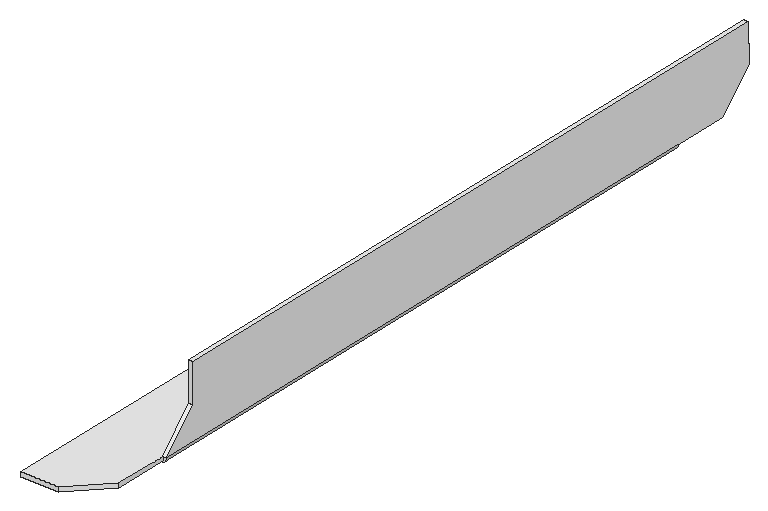
Revit family "JOMA_Takåsfäste Vänster", category Structural Connections, host Face, Revit 2012 (continued)
Nested families
  nested 150: "Spikmönster" at (0, 107.5, 12) x (0, -1, 0) z (1, 0, 0), visible <- "Typ 250 Spikmönster", type "Ø5"
  nested 151: "Spikmönster" at (0, 87.5, 12) x (0, -1, 0) z (1, 0, 0), visible <- "Typ 250 Spikmönster", type "Ø5"
  nested 152: "Spikmönster" at (0, 67.5, 12) x (0, -1, 0) z (1, 0, 0), visible <- "Typ 250 Spikmönster", type "Ø5"
  nested 153: "Spikmönster" at (0, 47.5, 12) x (0, -1, 0) z (1, 0, 0), visible <- "Typ 250 Spikmönster", type "Ø5"
  nested 154: "Spikmönster" at (0, 137.5, 27) x (0, -1, 0) z (1, 0, 0), visible <- "Typ 290 Spikmönster", type "Ø5"
  nested 155: "Spikmönster" at (0, 117.5, 27) x (0, -1, 0) z (1, 0, 0), visible <- "Typ 290 Spikmönster", type "Ø5"
  nested 156: "Spikmönster" at (0, 97.5, 27) x (0, -1, 0) z (1, 0, 0), visible <- "Typ 290 Spikmönster", type "Ø5"
  nested 157: "Spikmönster" at (0, 77.5, 27) x (0, -1, 0) z (1, 0, 0), visible <- "Typ 290 Spikmönster", type "Ø5"
  nested 158: "Spikmönster" at (0, 57.5, 27) x (0, -1, 0) z (1, 0, 0), visible <- "Typ 290 Spikmönster", type "Ø5"
  nested 159: "Spikmönster" at (0, 37.5, 27) x (0, -1, 0) z (1, 0, 0), visible <- "Typ 290 Spikmönster", type "Ø5"
  nested 160: "Spikmönster" at (0, 127.5, 12) x (0, -1, 0) z (1, 0, 0), visible <- "Typ 290 Spikmönster", type "Ø5"
  nested 161: "Spikmönster" at (0, 107.5, 12) x (0, -1, 0) z (1, 0, 0), visible <- "Typ 290 Spikmönster", type "Ø5"
  nested 162: "Spikmönster" at (0, 87.5, 12) x (0, -1, 0) z (1, 0, 0), visible <- "Typ 290 Spikmönster", type "Ø5"
  nested 163: "Spikmönster" at (0, 67.5, 12) x (0, -1, 0) z (1, 0, 0), visible <- "Typ 290 Spikmönster", type "Ø5"
  nested 164: "Spikmönster" at (0, 47.5, 12) x (0, -1, 0) z (1, 0, 0), visible <- "Typ 290 Spikmönster", type "Ø5"
  nested 165: "Spikmönster" at (0, 157.5, 27) x (0, -1, 0) z (1, 0, 0), visible <- "Typ 330 Spikmönster", type "Ø5"
  nested 166: "Spikmönster" at (0, 137.5, 27) x (0, -1, 0) z (1, 0, 0), visible <- "Typ 330 Spikmönster", type "Ø5"
  nested 167: "Spikmönster" at (0, 117.5, 27) x (0, -1, 0) z (1, 0, 0), visible <- "Typ 330 Spikmönster", type "Ø5"
  nested 168: "Spikmönster" at (0, 97.5, 27) x (0, -1, 0) z (1, 0, 0), visible <- "Typ 330 Spikmönster", type "Ø5"
  nested 169: "Spikmönster" at (0, 77.5, 27) x (0, -1, 0) z (1, 0, 0), visible <- "Typ 330 Spikmönster", type "Ø5"
  nested 170: "Spikmönster" at (0, 57.5, 27) x (0, -1, 0) z (1, 0, 0), visible <- "Typ 330 Spikmönster", type "Ø5"
  nested 171: "Spikmönster" at (0, 37.5, 27) x (0, -1, 0) z (1, 0, 0), visible <- "Typ 330 Spikmönster", type "Ø5"
  nested 172: "Spikmönster" at (0, 147.5, 12) x (0, -1, 0) z (1, 0, 0), visible <- "Typ 330 Spikmönster", type "Ø5"
  nested 173: "Spikmönster" at (0, 127.5, 12) x (0, -1, 0) z (1, 0, 0), visible <- "Typ 330 Spikmönster", type "Ø5"
  nested 174: "Spikmönster" at (0, 107.5, 12) x (0, -1, 0) z (1, 0, 0), visible <- "Typ 330 Spikmönster", type "Ø5"
  nested 175: "Spikmönster" at (0, 87.5, 12) x (0, -1, 0) z (1, 0, 0), visible <- "Typ 330 Spikmönster", type "Ø5"
  nested 176: "Spikmönster" at (0, 67.5, 12) x (0, -1, 0) z (1, 0, 0), visible <- "Typ 330 Spikmönster", type "Ø5"
  nested 177: "Spikmönster" at (0, 47.5, 12) x (0, -1, 0) z (1, 0, 0), visible <- "Typ 330 Spikmönster", type "Ø5"
  nested 178: "Spikmönster" at (0, 177.5, 27) x (0, -1, 0) z (1, 0, 0), visible <- "Typ 370 Spikmönster", type "Ø5"
  nested 179: "Spikmönster" at (0, 157.5, 27) x (0, -1, 0) z (1, 0, 0), visible <- "Typ 370 Spikmönster", type "Ø5"
  nested 180: "Spikmönster" at (0, 137.5, 27) x (0, -1, 0) z (1, 0, 0), visible <- "Typ 370 Spikmönster", type "Ø5"
  nested 181: "Spikmönster" at (0, 117.5, 27) x (0, -1, 0) z (1, 0, 0), visible <- "Typ 370 Spikmönster", type "Ø5"
  nested 182: "Spikmönster" at (0, 97.5, 27) x (0, -1, 0) z (1, 0, 0), visible <- "Typ 370 Spikmönster", type "Ø5"
  nested 183: "Spikmönster" at (0, 77.5, 27) x (0, -1, 0) z (1, 0, 0), visible <- "Typ 370 Spikmönster", type "Ø5"
  nested 184: "Spikmönster" at (0, 57.5, 27) x (0, -1, 0) z (1, 0, 0), visible <- "Typ 370 Spikmönster", type "Ø5"
  nested 185: "Spikmönster" at (0, 37.5, 27) x (0, -1, 0) z (1, 0, 0), visible <- "Typ 370 Spikmönster", type "Ø5"
  nested 186: "Spikmönster" at (0, 167.5, 12) x (0, -1, 0) z (1, 0, 0), visible <- "Typ 370 Spikmönster", type "Ø5"
  nested 187: "Spikmönster" at (0, 147.5, 12) x (0, -1, 0) z (1, 0, 0), visible <- "Typ 370 Spikmönster", type "Ø5"
  nested 188: "Spikmönster" at (0, 127.5, 12) x (0, -1, 0) z (1, 0, 0), visible <- "Typ 370 Spikmönster", type "Ø5"
  nested 189: "Spikmönster" at (0, 107.5, 12) x (0, -1, 0) z (1, 0, 0), visible <- "Typ 370 Spikmönster", type "Ø5"
  nested 190: "Spikmönster" at (0, 87.5, 12) x (0, -1, 0) z (1, 0, 0), visible <- "Typ 370 Spikmönster", type "Ø5"
  nested 191: "Spikmönster" at (0, 67.5, 12) x (0, -1, 0) z (1, 0, 0), visible <- "Typ 370 Spikmönster", type "Ø5"
  nested 192: "Spikmönster" at (0, 47.5, 12) x (0, -1, 0) z (1, 0, 0), visible <- "Typ 370 Spikmönster", type "Ø5"
  nested 193: "Spikmönster" at (0, 177.5, 682) x (0, -1, 0) z (1, 0, 0), visible <- "Typ 170 Spikmönster", type "Ø5", not visible
  nested 194: "Spikmönster" at (0, 157.5, 682) x (0, -1, 0) z (1, 0, 0), visible <- "Typ 170 Spikmönster", type "Ø5", not visible
  nested 195: "Spikmönster" at (0, 137.5, 682) x (0, -1, 0) z (1, 0, 0), visible <- "Typ 170 Spikmönster", type "Ø5", not visible
  nested 196: "Spikmönster" at (0, 147.5, 667) x (0, -1, 0) z (1, 0, 0), visible <- "Typ 170 Spikmönster", type "Ø5", not visible
  nested 197: "Spikmönster" at (0, 167.5, 667) x (0, -1, 0) z (1, 0, 0), visible <- "Typ 170 Spikmönster", type "Ø5", not visible
  nested 198: "Spikmönster" at (0, 177.5, 567) x (0, -1, 0) z (1, 0, 0), visible <- "Typ 210 Spikmönster", type "Ø5", not visible
  nested 199: "Spikmönster" at (0, 157.5, 567) x (0, -1, 0) z (1, 0, 0), visible <- "Typ 210 Spikmönster", type "Ø5", not visible
  nested 200: "Spikmönster" at (0, 137.5, 567) x (0, -1, 0) z (1, 0, 0), visible <- "Typ 210 Spikmönster", type "Ø5", not visible
  nested 201: "Spikmönster" at (0, 117.5, 567) x (0, -1, 0) z (1, 0, 0), visible <- "Typ 210 Spikmönster", type "Ø5", not visible
  nested 202: "Spikmönster" at (0, 167.5, 552) x (0, -1, 0) z (1, 0, 0), visible <- "Typ 210 Spikmönster", type "Ø5", not visible
  nested 203: "Spikmönster" at (0, 147.5, 552) x (0, -1, 0) z (1, 0, 0), visible <- "Typ 210 Spikmönster", type "Ø5", not visible
  nested 204: "Spikmönster" at (0, 127.5, 552) x (0, -1, 0) z (1, 0, 0), visible <- "Typ 210 Spikmönster", type "Ø5", not visible
  nested 205: "Spikmönster" at (0, 177.5, 472) x (0, -1, 0) z (1, 0, 0), visible <- "Typ 250 Spikmönster", type "Ø5", not visible
  nested 206: "Spikmönster" at (0, 157.5, 472) x (0, -1, 0) z (1, 0, 0), visible <- "Typ 250 Spikmönster", type "Ø5", not visible
  nested 207: "Spikmönster" at (0, 137.5, 472) x (0, -1, 0) z (1, 0, 0), visible <- "Typ 250 Spikmönster", type "Ø5", not visible
  nested 208: "Spikmönster" at (0, 117.5, 472) x (0, -1, 0) z (1, 0, 0), visible <- "Typ 250 Spikmönster", type "Ø5", not visible
  nested 209: "Spikmönster" at (0, 97.5, 472) x (0, -1, 0) z (1, 0, 0), visible <- "Typ 250 Spikmönster", type "Ø5", not visible
  nested 210: "Spikmönster" at (0, 167.5, 457) x (0, -1, 0) z (1, 0, 0), visible <- "Typ 250 Spikmönster", type "Ø5", not visible
  nested 211: "Spikmönster" at (0, 147.5, 457) x (0, -1, 0) z (1, 0, 0), visible <- "Typ 250 Spikmönster", type "Ø5", not visible
  nested 212: "Spikmönster" at (0, 127.5, 457) x (0, -1, 0) z (1, 0, 0), visible <- "Typ 250 Spikmönster", type "Ø5", not visible
  nested 213: "Spikmönster" at (0, 107.5, 457) x (0, -1, 0) z (1, 0, 0), visible <- "Typ 250 Spikmönster", type "Ø5", not visible
  nested 214: "Spikmönster" at (0, 177.5, 312) x (0, -1, 0) z (1, 0, 0), visible <- "Typ 290 Spikmönster", type "Ø5", not visible
  nested 215: "Spikmönster" at (0, 157.5, 312) x (0, -1, 0) z (1, 0, 0), visible <- "Typ 290 Spikmönster", type "Ø5", not visible
  nested 216: "Spikmönster" at (0, 137.5, 312) x (0, -1, 0) z (1, 0, 0), visible <- "Typ 290 Spikmönster", type "Ø5", not visible
  nested 217: "Spikmönster" at (0, 117.5, 312) x (0, -1, 0) z (1, 0, 0), visible <- "Typ 290 Spikmönster", type "Ø5", not visible
  nested 218: "Spikmönster" at (0, 97.5, 312) x (0, -1, 0) z (1, 0, 0), visible <- "Typ 290 Spikmönster", type "Ø5", not visible
  nested 219: "Spikmönster" at (0, 77.5, 312) x (0, -1, 0) z (1, 0, 0), visible <- "Typ 290 Spikmönster", type "Ø5", not visible
  nested 220: "Spikmönster" at (0, 167.5, 297) x (0, -1, 0) z (1, 0, 0), visible <- "Typ 290 Spikmönster", type "Ø5", not visible
  nested 221: "Spikmönster" at (0, 147.5, 297) x (0, -1, 0) z (1, 0, 0), visible <- "Typ 290 Spikmönster", type "Ø5", not visible
  nested 222: "Spikmönster" at (0, 127.5, 297) x (0, -1, 0) z (1, 0, 0), visible <- "Typ 290 Spikmönster", type "Ø5", not visible
  nested 223: "Spikmönster" at (0, 107.5, 297) x (0, -1, 0) z (1, 0, 0), visible <- "Typ 290 Spikmönster", type "Ø5", not visible
  nested 224: "Spikmönster" at (0, 87.5, 297) x (0, -1, 0) z (1, 0, 0), visible <- "Typ 290 Spikmönster", type "Ø5", not visible
  nested 225: "Spikmönster" at (0, 177.5, 167) x (0, -1, 0) z (1, 0, 0), visible <- "Typ 330 Spikmönster", type "Ø5", not visible
  nested 226: "Spikmönster" at (0, 157.5, 167) x (0, -1, 0) z (1, 0, 0), visible <- "Typ 330 Spikmönster", type "Ø5", not visible
  nested 227: "Spikmönster" at (0, 137.5, 167) x (0, -1, 0) z (1, 0, 0), visible <- "Typ 330 Spikmönster", type "Ø5", not visible
  nested 228: "Spikmönster" at (0, 117.5, 167) x (0, -1, 0) z (1, 0, 0), visible <- "Typ 330 Spikmönster", type "Ø5", not visible
  nested 229: "Spikmönster" at (0, 97.5, 167) x (0, -1, 0) z (1, 0, 0), visible <- "Typ 330 Spikmönster", type "Ø5", not visible
  nested 230: "Spikmönster" at (0, 77.5, 167) x (0, -1, 0) z (1, 0, 0), visible <- "Typ 330 Spikmönster", type "Ø5", not visible
  nested 231: "Spikmönster" at (0, 57.5, 167) x (0, -1, 0) z (1, 0, 0), visible <- "Typ 330 Spikmönster", type "Ø5", not visible
  nested 232: "Spikmönster" at (0, 167.5, 152) x (0, -1, 0) z (1, 0, 0), visible <- "Typ 330 Spikmönster", type "Ø5", not visible
  nested 233: "Spikmönster" at (0, 147.5, 152) x (0, -1, 0) z (1, 0, 0), visible <- "Typ 330 Spikmönster", type "Ø5", not visible
  nested 234: "Spikmönster" at (0, 127.5, 152) x (0, -1, 0) z (1, 0, 0), visible <- "Typ 330 Spikmönster", type "Ø5", not visible
  nested 235: "Spikmönster" at (0, 107.5, 152) x (0, -1, 0) z (1, 0, 0), visible <- "Typ 330 Spikmönster", type "Ø5", not visible
  nested 236: "Spikmönster" at (0, 87.5, 152) x (0, -1, 0) z (1, 0, 0), visible <- "Typ 330 Spikmönster", type "Ø5", not visible
  nested 237: "Spikmönster" at (0, 67.5, 152) x (0, -1, 0) z (1, 0, 0), visible <- "Typ 330 Spikmönster", type "Ø5", not visible
  nested 238: "Spikmönster" at (0, 177.5, 27) x (0, -1, 0) z (1, 0, 0), visible <- "Typ 370 Spikmönster", type "Ø5", not visible
  nested 239: "Spikmönster" at (0, 157.5, 27) x (0, -1, 0) z (1, 0, 0), visible <- "Typ 370 Spikmönster", type "Ø5", not visible
  nested 240: "Spikmönster" at (0, 137.5, 27) x (0, -1, 0) z (1, 0, 0), visible <- "Typ 370 Spikmönster", type "Ø5", not visible
  nested 241: "Spikmönster" at (0, 117.5, 27) x (0, -1, 0) z (1, 0, 0), visible <- "Typ 370 Spikmönster", type "Ø5", not visible
  nested 242: "Spikmönster" at (0, 97.5, 27) x (0, -1, 0) z (1, 0, 0), visible <- "Typ 370 Spikmönster", type "Ø5", not visible
  nested 243: "Spikmönster" at (0, 77.5, 27) x (0, -1, 0) z (1, 0, 0), visible <- "Typ 370 Spikmönster", type "Ø5", not visible
  nested 244: "Spikmönster" at (0, 57.5, 27) x (0, -1, 0) z (1, 0, 0), visible <- "Typ 370 Spikmönster", type "Ø5", not visible
  nested 245: "Spikmönster" at (0, 37.5, 27) x (0, -1, 0) z (1, 0, 0), visible <- "Typ 370 Spikmönster", type "Ø5", not visible
  nested 246: "Spikmönster" at (0, 167.5, 12) x (0, -1, 0) z (1, 0, 0), visible <- "Typ 370 Spikmönster", type "Ø5", not visible
  nested 247: "Spikmönster" at (0, 147.5, 12) x (0, -1, 0) z (1, 0, 0), visible <- "Typ 370 Spikmönster", type "Ø5", not visible
  nested 248: "Spikmönster" at (0, 127.5, 12) x (0, -1, 0) z (1, 0, 0), visible <- "Typ 370 Spikmönster", type "Ø5", not visible
  nested 249: "Spikmönster" at (0, 107.5, 12) x (0, -1, 0) z (1, 0, 0), visible <- "Typ 370 Spikmönster", type "Ø5", not visible
  nested 250: "Spikmönster" at (0, 87.5, 12) x (0, -1, 0) z (1, 0, 0), visible <- "Typ 370 Spikmönster", type "Ø5", not visible
  nested 251: "Spikmönster" at (0, 67.5, 12) x (0, -1, 0) z (1, 0, 0), visible <- "Typ 370 Spikmönster", type "Ø5", not visible
  nested 252: "Spikmönster" at (0, 47.5, 12) x (0, -1, 0) z (1, 0, 0), visible <- "Typ 370 Spikmönster", type "Ø5", not visible
Definition of nested family "Spikmönster"
  Parameters (values of type "Ø11")
    Radie = 5.5 mm
  Types (3, lengths in mm): name | Radie
    (no name) | 5.5
    Ø5 | 2.5
    Ø11 | 5.5
  Reference planes
    plane 1 "Center (Front/Back)": y = 0
    plane 2: z = 0
    plane 3 "Center (Left/Right)": x = 0
  Lines and regions (mm)
    Filled region 1, type "Solid Fill - Black", in view "Ref. Level"
      outline origin (0, 0, 0) x (1, 0, 0) y (0, 1, 0)
        loop
          circle (0, 0) r 5.5
  Dimensions and locks
    "Radie": radius of Filled region 1 sketch curve
  Automatic sketch dimensions
    plane 1 "Center (Front/Back)" to Filled region 1 sketch curve = 0 mm
    Filled region 1 sketch curve to plane 3 "Center (Left/Right)" = 0 mm
Types (7, lengths in mm): name | Vikt | Typ 370 | Typ 330 | Typ 290 | Typ 250 | Typ 210 | Typ 170 | B | A
  (no name) | "0,30" | yes | no | no | no | no | no | 40 | 370
  580170V | "0,10" | no | no | no | no | no | yes | 50 | 170
  580210V | "0,14" | no | no | no | no | yes | no | 50 | 210
  580250V | "0,18" | no | no | no | yes | no | no | 50 | 250
  580290V | "0,22" | no | no | yes | no | no | no | 40 | 290
  580330V | "0,26" | no | yes | no | no | no | no | 40 | 330
  580370V | "0,30" | yes | no | no | no | no | no | 40 | 370
